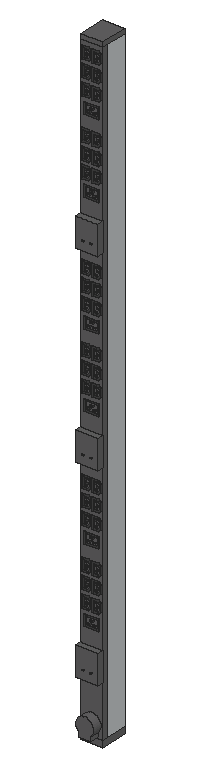
Revit family "Basic PDU", category Installations électriques, Revit 2020 (continued)
Definition of nested family "Basic PDU_Prises"
  Nested families
    nested 192: "Prise rectangulaire" at (0, 0, 903.24), visible <- "646965", type "Prise rectangulaire"
    nested 193: "Prise ronde simple" at (0, 0, 938.705), visible <- "646965", type "Prise ronde simple"
    nested 194: "Prise ronde simple" at (0, 0, 971.705), visible <- "646965", type "Prise ronde simple"
    nested 195: "Prise ronde simple" at (0, 0, 1004.705), visible <- "646965", type "Prise ronde simple"
    nested 196: "Prise ronde simple" at (0, 0, 1037.705), visible <- "646965", type "Prise ronde simple"
    nested 197: "Prise ronde simple" at (0, 0, 1070.664), visible <- "646965", type "Prise ronde simple"
    nested 198: "Prise ronde simple" at (0, 0, 1103.664), visible <- "646965", type "Prise ronde simple"
    nested 199: "Prise ronde simple" at (0, 0, 1136.664), visible <- "646965", type "Prise ronde simple"
    nested 200: "Prise ronde simple" at (0, 0, 1169.664), visible <- "646965", type "Prise ronde simple"
    nested 201: "Module D" at (0, 0, 137.1), visible <- "646971", type "L = 52"
    nested 202: "Prise rectangulaire" at (0, 0, 254.981), visible <- "646971", type "Prise rectangulaire"
    nested 203: "Prise rectangulaire" at (0, 0, 296.981), visible <- "646971", type "Prise rectangulaire"
    nested 204: "Prise rectangulaire" at (0, 0, 338.981), visible <- "646971", type "Prise rectangulaire"
    nested 205: "Prise rectangulaire" at (0, 0, 380.942), visible <- "646971", type "Prise rectangulaire"
    nested 206: "Prise rectangulaire" at (0, 0, 422.942), visible <- "646971", type "Prise rectangulaire"
    nested 207: "Prise rectangulaire" at (0, 0, 464.942), visible <- "646971", type "Prise rectangulaire"
    nested 208: "Prise ronde double" at (0, 0, 502.963), visible <- "646971", type "Prise ronde double"
    nested 209: "Prise ronde double" at (0, 0, 541.963), visible <- "646971", type "Prise ronde double"
    nested 210: "Prise ronde double" at (0, 0, 580.963), visible <- "646971", type "Prise ronde double"
    nested 211: "Prise ronde double" at (0, 0, 619.963), visible <- "646971", type "Prise ronde double"
    nested 212: "Prise ronde double" at (0, 0, 658.963), visible <- "646971", type "Prise ronde double"
    nested 213: "Prise ronde double" at (0, 0, 697.963), visible <- "646971", type "Prise ronde double"
    nested 214: "Prise rectangulaire" at (0, 0, 755.539), visible <- "646971", type "Prise rectangulaire"
    nested 215: "Prise rectangulaire" at (0, 0, 797.539), visible <- "646971", type "Prise rectangulaire"
    nested 216: "Prise rectangulaire" at (0, 0, 839.538), visible <- "646971", type "Prise rectangulaire"
    nested 217: "Prise rectangulaire" at (0, 0, 881.499), visible <- "646971", type "Prise rectangulaire"
    nested 218: "Prise rectangulaire" at (0, 0, 923.499), visible <- "646971", type "Prise rectangulaire"
    nested 219: "Prise rectangulaire" at (0, 0, 965.499), visible <- "646971", type "Prise rectangulaire"
    nested 220: "Prise ronde double" at (0, 0, 1003.52), visible <- "646971", type "Prise ronde double"
    nested 221: "Prise ronde double" at (0, 0, 1042.52), visible <- "646971", type "Prise ronde double"
    nested 222: "Prise ronde double" at (0, 0, 1081.52), visible <- "646971", type "Prise ronde double"
    nested 223: "Prise ronde double" at (0, 0, 1120.52), visible <- "646971", type "Prise ronde double"
    nested 224: "Prise ronde double" at (0, 0, 1159.52), visible <- "646971", type "Prise ronde double"
    nested 225: "Prise ronde double" at (0, 0, 1198.52), visible <- "646971", type "Prise ronde double"
    nested 226: "Module D" at (0, 0, 137.1), visible <- "646972", type "L = 52"
    nested 227: "Prise rectangulaire" at (0, 0, 254.981), visible <- "646972", type "Prise rectangulaire"
    nested 228: "Prise rectangulaire" at (0, 0, 296.981), visible <- "646972", type "Prise rectangulaire"
    nested 229: "Prise rectangulaire" at (0, 0, 338.981), visible <- "646972", type "Prise rectangulaire"
    nested 230: "Prise ronde double" at (0, 0, 376.937), visible <- "646972", type "Prise ronde double"
    nested 231: "Prise ronde double" at (0, 0, 415.937), visible <- "646972", type "Prise ronde double"
    nested 232: "Prise ronde double" at (0, 0, 454.937), visible <- "646972", type "Prise ronde double"
    nested 233: "Prise ronde double" at (0, 0, 493.937), visible <- "646972", type "Prise ronde double"
    nested 234: "Prise ronde double" at (0, 0, 532.937), visible <- "646972", type "Prise ronde double"
    nested 235: "Prise ronde double" at (0, 0, 571.937), visible <- "646972", type "Prise ronde double"
    nested 236: "Prise ronde double" at (0, 0, 610.937), visible <- "646972", type "Prise ronde double"
    nested 237: "Prise ronde double" at (0, 0, 649.937), visible <- "646972", type "Prise ronde double"
    nested 238: "Prise ronde double" at (0, 0, 688.937), visible <- "646972", type "Prise ronde double"
    nested 239: "Prise rectangulaire" at (0, 0, 746.594), visible <- "646972", type "Prise rectangulaire"
    nested 240: "Prise rectangulaire" at (0, 0, 788.594), visible <- "646972", type "Prise rectangulaire"
    nested 241: "Prise rectangulaire" at (0, 0, 830.594), visible <- "646972", type "Prise rectangulaire"
    nested 242: "Prise ronde double" at (0, 0, 868.55), visible <- "646972", type "Prise ronde double"
    nested 243: "Prise ronde double" at (0, 0, 907.55), visible <- "646972", type "Prise ronde double"
    nested 244: "Prise ronde double" at (0, 0, 946.55), visible <- "646972", type "Prise ronde double"
    nested 245: "Prise ronde double" at (0, 0, 985.55), visible <- "646972", type "Prise ronde double"
    nested 246: "Prise ronde double" at (0, 0, 1024.55), visible <- "646972", type "Prise ronde double"
    nested 247: "Prise ronde double" at (0, 0, 1063.55), visible <- "646972", type "Prise ronde double"
    nested 248: "Prise ronde double" at (0, 0, 1102.55), visible <- "646972", type "Prise ronde double"
    nested 249: "Prise ronde double" at (0, 0, 1141.55), visible <- "646972", type "Prise ronde double"
    nested 250: "Prise ronde double" at (0, 0, 1180.55), visible <- "646972", type "Prise ronde double"
    nested 251: "Module D" at (0, 0, 137.199), visible <- "646973", type "L = 52"
    nested 252: "Prise rectangulaire" at (0, 0, 255.08), visible <- "646973", type "Prise rectangulaire"
    nested 253: "Prise rectangulaire" at (0, 0, 297.08), visible <- "646973", type "Prise rectangulaire"
    nested 254: "Prise ronde double" at (0, 0, 335.036), visible <- "646973", type "Prise ronde double"
    nested 255: "Prise ronde double" at (0, 0, 374.036), visible <- "646973", type "Prise ronde double"
    nested 256: "Prise rectangulaire" at (0, 0, 431.726), visible <- "646973", type "Prise rectangulaire"
    nested 257: "Prise rectangulaire" at (0, 0, 473.726), visible <- "646973", type "Prise rectangulaire"
    nested 258: "Prise ronde double" at (0, 0, 511.863), visible <- "646973", type "Prise ronde double"
    nested 259: "Prise ronde double" at (0, 0, 550.863), visible <- "646973", type "Prise ronde double"
    nested 260: "Module D" at (0, 0, 595.999), visible <- "646973", type "L = 52"
    nested 261: "Prise rectangulaire" at (0, 0, 713.881), visible <- "646973", type "Prise rectangulaire"
    nested 262: "Prise rectangulaire" at (0, 0, 755.881), visible <- "646973", type "Prise rectangulaire"
    nested 263: "Prise ronde double" at (0, 0, 793.837), visible <- "646973", type "Prise ronde double"
    nested 264: "Prise ronde double" at (0, 0, 832.837), visible <- "646973", type "Prise ronde double"
    nested 265: "Prise rectangulaire" at (0, 0, 890.526), visible <- "646973", type "Prise rectangulaire"
    nested 266: "Prise rectangulaire" at (0, 0, 932.526), visible <- "646973", type "Prise rectangulaire"
    nested 267: "Prise ronde double" at (0, 0, 970.663), visible <- "646973", type "Prise ronde double"
    nested 268: "Prise ronde double" at (0, 0, 1009.663), visible <- "646973", type "Prise ronde double"
    nested 269: "Module D" at (0, 0, 1054.477), visible <- "646973", type "L = 52"
    nested 270: "Prise rectangulaire" at (0, 0, 1172.358), visible <- "646973", type "Prise rectangulaire"
    nested 271: "Prise rectangulaire" at (0, 0, 1214.358), visible <- "646973", type "Prise rectangulaire"
    nested 272: "Prise ronde double" at (0, 0, 1252.314), visible <- "646973", type "Prise ronde double"
    nested 273: "Prise ronde double" at (0, 0, 1291.314), visible <- "646973", type "Prise ronde double"
    nested 274: "Prise rectangulaire" at (0, 0, 1349.004), visible <- "646973", type "Prise rectangulaire"
    nested 275: "Prise rectangulaire" at (0, 0, 1391.004), visible <- "646973", type "Prise rectangulaire"
    nested 276: "Prise ronde double" at (0, 0, 1429.141), visible <- "646973", type "Prise ronde double"
    nested 277: "Prise ronde double" at (0, 0, 1468.141), visible <- "646973", type "Prise ronde double"
    nested 278: "Module D" at (0, 0, 137.199), visible <- "646974", type "L = 52"
    nested 279: "Prise rectangulaire" at (0, 0, 255.08), visible <- "646974", type "Prise rectangulaire"
    nested 280: "Prise rectangulaire" at (0, 0, 297.08), visible <- "646974", type "Prise rectangulaire"
    nested 281: "Prise ronde double" at (0, 0, 335.036), visible <- "646974", type "Prise ronde double"
    nested 282: "Prise ronde double" at (0, 0, 374.036), visible <- "646974", type "Prise ronde double"
    nested 283: "Prise ronde double" at (0, 0, 413.037), visible <- "646974", type "Prise ronde double"
    nested 284: "Prise rectangulaire" at (0, 0, 470.727), visible <- "646974", type "Prise rectangulaire"
    nested 285: "Prise rectangulaire" at (0, 0, 512.727), visible <- "646974", type "Prise rectangulaire"
    nested 286: "Prise ronde double" at (0, 0, 550.682), visible <- "646974", type "Prise ronde double"
    nested 287: "Prise ronde double" at (0, 0, 589.682), visible <- "646974", type "Prise ronde double"
    nested 288: "Prise ronde double" at (0, 0, 628.683), visible <- "646974", type "Prise ronde double"
    nested 289: "Module D" at (0, 0, 673.614), visible <- "646974", type "L = 52"
    nested 290: "Prise rectangulaire" at (0, 0, 791.495), visible <- "646974", type "Prise rectangulaire"
    nested 291: "Prise rectangulaire" at (0, 0, 833.495), visible <- "646974", type "Prise rectangulaire"
    nested 292: "Prise ronde double" at (0, 0, 871.451), visible <- "646974", type "Prise ronde double"
    nested 293: "Prise ronde double" at (0, 0, 910.451), visible <- "646974", type "Prise ronde double"
    nested 294: "Prise ronde double" at (0, 0, 949.452), visible <- "646974", type "Prise ronde double"
    nested 295: "Prise rectangulaire" at (0, 0, 1007.141), visible <- "646974", type "Prise rectangulaire"
    nested 296: "Prise rectangulaire" at (0, 0, 1049.141), visible <- "646974", type "Prise rectangulaire"
    nested 297: "Prise ronde double" at (0, 0, 1087.097), visible <- "646974", type "Prise ronde double"
    nested 298: "Prise ronde double" at (0, 0, 1126.097), visible <- "646974", type "Prise ronde double"
    nested 299: "Prise ronde double" at (0, 0, 1165.098), visible <- "646974", type "Prise ronde double"
    nested 300: "Module D" at (0, 0, 1209.978), visible <- "646974", type "L = 52"
    nested 301: "Prise rectangulaire" at (0, 0, 1327.859), visible <- "646974", type "Prise rectangulaire"
    nested 302: "Prise rectangulaire" at (0, 0, 1369.859), visible <- "646974", type "Prise rectangulaire"
    nested 303: "Prise ronde double" at (0, 0, 1407.815), visible <- "646974", type "Prise ronde double"
    nested 304: "Prise ronde double" at (0, 0, 1446.815), visible <- "646974", type "Prise ronde double"
    nested 305: "Prise ronde double" at (0, 0, 1485.816), visible <- "646974", type "Prise ronde double"
    nested 306: "Prise rectangulaire" at (0, 0, 1543.505), visible <- "646974", type "Prise rectangulaire"
    nested 307: "Prise rectangulaire" at (0, 0, 1585.505), visible <- "646974", type "Prise rectangulaire"
    nested 308: "Prise ronde double" at (0, 0, 1623.461), visible <- "646974", type "Prise ronde double"
    nested 309: "Prise ronde double" at (0, 0, 1662.461), visible <- "646974", type "Prise ronde double"
    nested 310: "Prise ronde double" at (0, 0, 1701.462), visible <- "646974", type "Prise ronde double"
    nested 311: "Module D" at (0, 0, 137.267), visible <- "646975", type "L = 52"
    nested 312: "Prise rectangulaire" at (0, 0, 255.148), visible <- "646975", type "Prise rectangulaire"
    nested 313: "Prise ronde double" at (0, 0, 293.418), visible <- "646975", type "Prise ronde double"
    nested 314: "Prise ronde double" at (0, 0, 332.418), visible <- "646975", type "Prise ronde double"
    nested 315: "Prise ronde double" at (0, 0, 371.419), visible <- "646975", type "Prise ronde double"
    nested 316: "Prise rectangulaire" at (0, 0, 429.342), visible <- "646975", type "Prise rectangulaire"
    nested 317: "Prise ronde double" at (0, 0, 467.612), visible <- "646975", type "Prise ronde double"
    nested 318: "Prise ronde double" at (0, 0, 506.612), visible <- "646975", type "Prise ronde double"
    nested 319: "Prise ronde double" at (0, 0, 545.612), visible <- "646975", type "Prise ronde double"
    nested 320: "Module D" at (0, 0, 590.815), visible <- "646975", type "L = 52"
    nested 321: "Prise rectangulaire" at (0, 0, 708.696), visible <- "646975", type "Prise rectangulaire"
    nested 322: "Prise ronde double" at (0, 0, 746.966), visible <- "646975", type "Prise ronde double"
    nested 323: "Prise ronde double" at (0, 0, 785.966), visible <- "646975", type "Prise ronde double"
    nested 324: "Prise ronde double" at (0, 0, 824.967), visible <- "646975", type "Prise ronde double"
    nested 325: "Prise rectangulaire" at (0, 0, 882.89), visible <- "646975", type "Prise rectangulaire"
    nested 326: "Prise ronde double" at (0, 0, 921.16), visible <- "646975", type "Prise ronde double"
    nested 327: "Prise ronde double" at (0, 0, 960.16), visible <- "646975", type "Prise ronde double"
    nested 328: "Prise ronde double" at (0, 0, 999.16), visible <- "646975", type "Prise ronde double"
    nested 329: "Module D" at (0, 0, 1042.562), visible <- "646975", type "L = 52"
    nested 330: "Prise rectangulaire" at (0, 0, 1160.444), visible <- "646975", type "Prise rectangulaire"
    nested 331: "Prise ronde double" at (0, 0, 1198.714), visible <- "646975", type "Prise ronde double"
    nested 332: "Prise ronde double" at (0, 0, 1237.714), visible <- "646975", type "Prise ronde double"
    nested 333: "Prise ronde double" at (0, 0, 1276.714), visible <- "646975", type "Prise ronde double"
    nested 334: "Prise rectangulaire" at (0, 0, 1334.638), visible <- "646975", type "Prise rectangulaire"
    nested 335: "Prise ronde double" at (0, 0, 1372.907), visible <- "646975", type "Prise ronde double"
    nested 336: "Prise ronde double" at (0, 0, 1411.907), visible <- "646975", type "Prise ronde double"
    nested 337: "Prise ronde double" at (0, 0, 1450.908), visible <- "646975", type "Prise ronde double"
  Definition of nested family "Prise ronde double"
    Parameters
      Default Elevation = 0 mm
    Reference planes
      plane 1 "Centre (avant/arrière)": y = 0
      plane 2: z = 0
      plane 3 "Centre (gauche/droite)": x = 0
    Forms (mm)
      Extrusion 1, solid
        sketch origin (0, 0, -932.082) x (1, 0, 0) y (0, 0, 1)
          loop
            line (-7.233, 946.882) -> (-22.8, 946.882) -> (-22.8, 917.279) -> (-7.237, 917.279) -> (-1.193, 923.322) -> (-1.193, 940.842) -> (-7.233, 946.882)
          loop
            line (-19.828, 943.513) -> (-19.828, 920.651) -> (-9.69, 920.651) -> (-4.165, 926.473) -> (-4.165, 937.691) -> (-9.69, 943.513) -> (-19.828, 943.513)
          loop
            line (-16.618, 937.76) -> (-11.375, 937.76) -> (-11.375, 940.403) -> (-16.618, 940.403) -> (-16.618, 937.76)
          loop
            line (-7.375, 933.403) -> (-12.618, 933.403) -> (-12.618, 930.76) -> (-7.375, 930.76) -> (-7.375, 933.403)
          loop
            line (-11.375, 926.403) -> (-16.618, 926.403) -> (-16.618, 923.76) -> (-11.375, 923.76) -> (-11.375, 926.403)
          loop
            line (16.76, 946.882) -> (1.194, 946.882) -> (1.194, 917.279) -> (16.757, 917.279) -> (22.8, 923.322) -> (22.8, 940.842) -> (16.76, 946.882)
          loop
            line (4.166, 943.513) -> (4.166, 920.651) -> (14.303, 920.651) -> (19.828, 926.473) -> (19.828, 937.691) -> (14.303, 943.513) -> (4.166, 943.513)
          loop
            line (7.375, 937.76) -> (12.618, 937.76) -> (12.618, 940.403) -> (7.375, 940.403) -> (7.375, 937.76)
          loop
            line (16.618, 933.403) -> (11.375, 933.403) -> (11.375, 930.76) -> (16.618, 930.76) -> (16.618, 933.403)
          loop
            line (12.618, 926.403) -> (7.375, 926.403) -> (7.375, 923.76) -> (12.618, 923.76) -> (12.618, 926.403)
        from 0 to 1
    Dimensions and locks
      aligned and locked: level to plane 2
  Definition of nested family "Prise rectangulaire"
    Parameters (values of type "Prise rectangulaire")
      Default Elevation = 0 mm
    Reference planes
      plane 1 "Centre (avant/arrière)": y = 0
      plane 2: z = 0
      plane 3 "Centre (gauche/droite)": x = 0
    Forms (mm)
      Extrusion 1, solid
        sketch origin (0, 0, -815.082) x (1, 0, 0) y (0, 0, 1)
          loop
            line (17.311, 828.382) -> (-17.289, 828.382) -> (-17.289, 801.782) -> (17.311, 801.782) -> (17.311, 828.382)
          loop
            line (-13.932, 825.425) -> (-13.932, 804.739) -> (13.954, 804.739) -> (13.954, 825.425) -> (-13.932, 825.425)
          loop
            line (3.636, 820.407) -> (-3.614, 820.407) -> (-3.614, 817.757) -> (3.636, 817.757) -> (3.636, 820.407)
          loop
            line (9.636, 812.407) -> (3.386, 812.407) -> (3.386, 809.757) -> (9.636, 809.757) -> (9.636, 812.407)
          loop
            line (-3.364, 812.407) -> (-9.614, 812.407) -> (-9.614, 809.757) -> (-3.364, 809.757) -> (-3.364, 812.407)
        from 0 to 1
    Dimensions and locks
      aligned and locked: level to plane 2
  Definition of nested family "Prise ronde simple"
    Parameters
      Default Elevation = 0 mm
    Reference planes
      plane 1 "Centre (avant/arrière)": y = 0
      plane 2: z = 0
      plane 3 "Centre (gauche/droite)": x = 0
    Forms (mm)
      Extrusion 1, solid
        sketch origin (0, 0, -932.082) x (1, 0, 0) y (0, 0, 1)
          loop
            line (-14.802, 936.843) -> (-14.802, 921.277) -> (14.802, 921.277) -> (14.802, 936.84) -> (8.758, 942.883) -> (-8.761, 942.883) -> (-14.802, 936.843)
          loop
            line (-11.433, 924.249) -> (11.43, 924.249) -> (11.43, 934.387) -> (5.608, 939.911) -> (-5.611, 939.911) -> (-11.433, 934.387) -> (-11.433, 924.249)
          loop
            line (-5.68, 927.459) -> (-5.68, 932.702) -> (-8.323, 932.702) -> (-8.323, 927.459) -> (-5.68, 927.459)
          loop
            line (-1.323, 936.702) -> (-1.323, 931.459) -> (1.32, 931.459) -> (1.32, 936.702) -> (-1.323, 936.702)
          loop
            line (5.677, 932.702) -> (5.677, 927.459) -> (8.32, 927.459) -> (8.32, 932.702) -> (5.677, 932.702)
        from 0 to 1
    Dimensions and locks
      aligned and locked: level to plane 2
  Definition of nested family "Module D"
    Parameters (values of type "L = 44.3")
      Largeur = 44.3 mm
      Default Elevation = 0 mm
    Types (3, lengths in mm): name | Largeur
      (no name) | 44.3
      L = 44.3 | 44.3
      L = 52 | 52
    Reference planes
      plane 1 "Centre (avant/arrière)": y = 0
      plane 2: z = 0
      plane 3 "Centre (gauche/droite)": x = 0
      plane 4: x = 22.15
      plane 5: x = 22.15
      plane 6: x = -22.15
    Forms (mm)
      Extrusion 1, solid
        sketch origin (0, 0, -3.309) x (0, 1, 0) y (0, 0, 1)
          loop
            line (-15.1, 71.026) -> (-15.1, 3.572) -> (0, 3.309) -> (0, 71.29) -> (-15.1, 71.026)
        from -22.15 to 22.15
      Extrusion 2, solid
        sketch origin (4.012, -15.1, 77.848) x (0, 0, -1) y (1, 0, 0)
          loop
            line (56.318, -16.253) -> (58.095, -16.253) -> (58.095, -10.919) -> (56.318, -10.919) -> (56.318, -16.253)
          loop
            line (56.318, 2.928) -> (58.095, 2.928) -> (58.095, 8.262) -> (56.318, 8.262) -> (56.318, 2.928)
        from -0.7 to 0.3
    Lines and regions (mm)
      model lines
        curve 1: line (-19.081, -15.1, 47.665) -> (19.081, -15.1, 47.665)
        curve 2: line (-19.081, -15.1, 15.202) -> (-19.081, -15.1, 47.665)
        curve 3: line (19.081, -15.1, 15.202) -> (-19.081, -15.1, 15.202)
        curve 4: line (0, -15.1, 47.665) -> (0, -15.1, 15.202)
        curve 5: line (-16.892, -15.1, 45.875) -> (-16.892, -15.1, 32.033)
        curve 6: line (-1.892, -15.1, 32.033) -> (-16.892, -15.1, 32.033)
        curve 7: line (19.081, -15.1, 15.202) -> (19.081, -15.1, 47.665)
        curve 8: line (2.189, -15.1, 45.875) -> (2.189, -15.1, 32.033)
        curve 9: line (17.189, -15.1, 32.033) -> (2.189, -15.1, 32.033)
    Dimensions and locks
      equal spacing: plane 5, plane 3 "Centre (gauche/droite)", plane 6
      "Largeur": plane 6 to plane 5
      curve 7 to plane 3 "Centre (gauche/droite)" to curve 2 = 19.081 mm locked, 19.081 mm locked
      locked: curve 7 to curve 9 at 1.892
      Extrusion 2 sketch curve to Extrusion 2 sketch curve to plane 3 "Centre (gauche/droite)" to Extrusion 2 sketch curve to Extrusion 2 sketch curve = 5.334 mm locked, 6.941 mm locked, 6.907 mm locked, 5.334 mm locked
      aligned and locked: level to plane 2
      aligned and locked: Extrusion 1 to plane 5
      aligned and locked: Extrusion 1 to plane 6
      aligned and locked: plane 6 to Extrusion 1
      aligned and locked: plane 4 to plane 5
      aligned and locked: curve 4 to plane 3 "Centre (gauche/droite)"
    Automatic sketch dimensions
      Extrusion 1 sketch curve to plane 1 "Centre (avant/arrière)" = 0 mm
      level to Extrusion 1 sketch curve = 0 mm
      plane 1 "Centre (avant/arrière)" to Extrusion 1 sketch curve = 15.1 mm
      level to Extrusion 1 sketch curve = 0.264 mm
      Extrusion 1 sketch curve to Extrusion 1 sketch curve = 0.264 mm
      Extrusion 1 sketch curve to Extrusion 1 sketch curve = 67.454 mm
      Extrusion 1 to curve 1 = 20.053 mm
      curve 4 to curve 8 = 15.632 mm
      curve 1 to curve 5 = 15.632 mm
      curve 2 to curve 5 = 2.189 mm
      curve 4 to curve 8 = 1.789 mm
      curve 1 to curve 5 = 1.789 mm
      curve 4 to curve 8 = 2.189 mm
      curve 6 to curve 8 = 4.081 mm
      Extrusion 1 to Extrusion 2 sketch curve = 21.267 mm
      Extrusion 2 sketch curve to Extrusion 2 sketch curve = 0 mm
      Extrusion 2 sketch curve to Extrusion 2 sketch curve = 1.778 mm  (x2)
      Extrusion 1 to curve 3 = 14.938 mm
Definition of nested family "Alimentation"
  Parameters (values of type "Prise rectangulaire")
    Prise rotative = no
    Prise rectangulaire = yes
    Default Elevation = 0 mm
  Types (2, lengths in mm): name | Prise rotative | Prise rectangulaire
    Prise rotative | yes | no
    Prise rectangulaire | no | yes
  Reference planes
    plane 1 "Centre (avant/arrière)": y = 0
    plane 2: z = 0
    plane 3 "Centre (gauche/droite)": x = 0
    plane 4: x = -22.15
    plane 5: x = 22.15
  Forms (mm)
    Extrusion 1, solid, visible <- "Prise rectangulaire", detail levels fine
      sketch origin (0, 0, 0) x (1, 0, 0) y (0, 0, 1)
        loop
          line (-14.8, 50.167) -> (-14.8, 28.667) -> (14.8, 28.667) -> (14.8, 50.167) -> (-14.8, 50.167)
        loop
          line (3.95, 36.417) -> (3.95, 34.417) -> (8.95, 34.417) -> (8.95, 36.417) -> (3.95, 36.417)
        loop
          line (-3.05, 44.417) -> (-3.05, 42.417) -> (2.95, 42.417) -> (2.95, 44.417) -> (-3.05, 44.417)
        loop
          line (-3.95, 36.417) -> (-8.95, 36.417) -> (-8.95, 34.417) -> (-3.95, 34.417) -> (-3.95, 36.417)
      from 0 to 1
    Extrusion 2, solid, visible <- "Prise rotative"
      sketch origin (0, 0, 0) x (1, 0, 0) y (0, 0, 1)
        loop
          arc (14.384, 28.145) -> (0, 65.582) -> (-14.384, 28.145) r 21.482
          line (-14.384, 28.145) -> (-14.384, 18.1) -> (14.384, 18.1) -> (14.384, 28.145)
      from 0 to 21.1
  Lines and regions (mm)
    model lines, visible <- "Prise rectangulaire", detail levels fine
      curve 1: line (-18.15, 0, 52.917) -> (18.15, 0, 52.917)
      curve 2: line (-18.15, 0, 25.917) -> (-18.15, 0, 52.917)
      curve 3: line (-18.15, 0, 25.917) -> (18.15, 0, 25.917)
      curve 4: line (18.15, 0, 25.917) -> (18.15, 0, 52.917)
    model lines, visible <- "Prise rotative", detail levels fine
      curve 5: arc (11.549, -21.1, 29.46) -> (0, -21.1, 62.746) -> (-11.549, -21.1, 29.46) r 18.646
      curve 6: line (-11.549, -21.1, 29.46) -> (-11.549, -21.1, 18.1)
      curve 7: line (11.549, -21.1, 29.46) -> (11.549, -21.1, 18.1)
  Dimensions and locks
    plane 5 to plane 3 "Centre (gauche/droite)" to plane 4 = 22.15 mm, 22.15 mm
    plane 5 to plane 4 = 44.3 mm
    aligned and locked: level to plane 2
Types (13, lengths in mm): name | Width (mm) | Type of electric connection | Terminal marking indication | Supply current | Profondeur cuve + capot | Prise_alimentation | Number of phases | Number of MCB | Number of C19 outlets | Number of C13 outlets | Length | Legrand part number | GTIN | E-catalogue link | Description | Depth (mm) | Cable cross section MIN_MAX | 646975 | 646974 | 646973 | 646972 | 646971 | 646965 | 646964 | 646963 | 646962 | 646961 | 646960 | 646911 | 646910
  PDU 0U 3P 16A 36xC13+6xC19 | 52 | "CEE 16 A" | yes | "16-16" | 65 | Alimentation : Prise rotative | 3 | 0 | 6 | 36 | 1113 | "LG-646910" | "3414971972902" | "https://www.legrand.fr/reference/646910/pro" | "PDU vertical 3 phase 16A with 36 x C13 + 6 x C19 locking outlets IEC60309" | 67.4 | "2.5-2.5" | no | no | no | no | no | no | no | no | no | no | no | no | yes
  PDU 0U 3P 16A 24xC13+12xC19 | 52 | "CEE 16 A" | yes | "16-16" | 65 | Alimentation : Prise rotative | 3 | 0 | 12 | 24 | 1131 | "LG-646911" | "3414971972919" | "https://www.legrand.fr/reference/646911/pro" | "PDU vertical 3 phase 16A with 24 x C13 + 12 x C19 locking outlets IEC60309" | 67.4 | "2.5-2.5" | no | no | no | no | no | no | no | no | no | no | no | yes | no
  PDU 0U 1P 16A 18xC13+6xC19 | 44.3 | "CEE 16 A" | yes | "16-16" | 57.5 | Alimentation : Prise rotative | 1 | 0 | 6 | 18 | 975 | "LG-646960" | "3414972471374" | "https://www.legrand.fr/reference/646960/pro" | "PDU BASIC 0U 1 PHASE 16A , 18+6 C13/C19 LOCKING OUTLETS , IEC 60309" | 59.9 | "2.5-2.5" | no | no | no | no | no | no | no | no | no | no | yes | no | no
  PDU 0U 1P 16A 20xC13+4xC19 | 44.3 | "C20" | no | "16-16" | 57.5 | Alimentation : Prise rectangulaire | 1 | 0 | 4 | 20 | 902 | "LG-646961" | "3414972471381" | "https://www.legrand.fr/reference/646961/pro" | "PDU BASIC 0U 1 PHASE 16A , 20+4 C13/C19 LOCKING OUTLETS , IEC-320 C20" | 59.9 | "1.5-2.5" | no | no | no | no | no | no | no | no | no | yes | no | no | no
  PDU 0U 1P 32A 20xC13+4xC19 | 44.3 | "CEE 32 A" | yes | "32-32" | 57.5 | Alimentation : Prise rotative | 1 | 2 | 4 | 20 | 1092 | "LG-646962" | "3414972471398" | "https://www.legrand.fr/reference/646962/pro" | "PDU BASIC 0U 1 PHASE 32A , 20+4 C13/C19 LOCKING OUTLETS , IEC 60309" | 74.9 | "6-6" | no | no | no | no | no | no | no | no | yes | no | no | no | no
  PDU 0U 1P 32A 12xC13+12xC19 | 44.3 | "CEE 16 A" | yes | "32-32" | 57.5 | Alimentation : Prise rotative | 1 | 2 | 12 | 12 | 1164 | "LG-646963" | "3414972471404" | "https://www.legrand.fr/reference/646963/pro" | "PDU BASIC 0U 1 PHASE 32A , 12+12 C13/C19 LOCKING OUTLETS , IEC 60309" | 74.9 | "6-6" | no | no | no | no | no | no | no | yes | no | no | no | no | no
  PDU 0U 3P 16A 21xC13+3xC19 | 44.3 | "CEE 16 A" | yes | "16-16" | 57.5 | Alimentation : Prise rotative | 3 | 0 | 3 | 21 | 978 | "LG-646964" | "3414972471411" | "https://www.legrand.fr/reference/646964/pro" | "PDU BASIC 0U 3 PHASE 16A , 21+3 C13/C19 LOCKING OUTLETS , IEC 60309" | 59.9 | "2.5-2.5" | no | no | no | no | no | no | yes | no | no | no | no | no | no
  PDU 0U 3P 16A 24xC13+6xC19 | 44.3 | "CEE 16 A" | yes | "16-16" | 57.5 | Alimentation : Prise rotative | 3 | 0 | 6 | 24 | 1203 | "LG-646965" | "3414972471428" | "https://www.legrand.fr/reference/646965/pro" | "PDU BASIC 0U 3 PHASE 16A , 24+6 C13/C19 LOCKING OUTLETS , IEC 60309" | 59.9 | "2.5-2.5" | no | no | no | no | no | yes | no | no | no | no | no | no | no
  PDU HD 0U 1P 32A 24xC13+12xC19 | 52 | "CEE 32 A" | yes | "32-32" | 65 | Alimentation : Prise rotative | 1 | 2 | 12 | 24 | 1236 | "LG-646971" | "3414972471459" | "https://www.legrand.fr/reference/646971/pro" | "PDU HD BASIC 0U 1 PHASE 32A , 24+12 C13/C19  LOCKING OUTLETS , IEC 60309" | 82.4 | "6-6" | no | no | no | no | yes | no | no | no | no | no | no | no | no
  PDU HD 0U 1P 32A 36xC13+6xC19 | 52 | "CEE 32 A" | yes | "32-32" | 65 | Alimentation : Prise rotative | 1 | 2 | 6 | 36 | 1218 | "LG-646972" | "3414972471466" | "https://www.legrand.fr/reference/646972/pro" | "PDU HD BASIC 0U 1 PHASE 32A , 36+6 C13/C19  LOCKING OUTLETS , IEC 60309" | 82.4 | "6-6" | no | no | no | yes | no | no | no | no | no | no | no | no | no
  PDU HD 0U 3P 32A 24xC13+12xC19 | 52 | "CEE 32 A" | yes | "32-32" | 65 | Alimentation : Prise rotative | 3 | 6 | 12 | 24 | 1506 | "LG-646973" | "3414972471473" | "https://www.legrand.fr/reference/646973/pro" | "PDU HD BASIC 0U 3 PHASE 32A , 24+12 C13/C19 LOCKING OUTLETS, IEC 60309" | 82.4 | "6-6" | no | no | yes | no | no | no | no | no | no | no | no | no | no
  PDU HD 0U 3P 32A 36xC13+12xC19 | 52 | "CEE 32 A" | yes | "32-32" | 65 | Alimentation : Prise rotative | 3 | 6 | 12 | 36 | 1740 | "LG-646974" | "3414972471480" | "https://www.legrand.fr/reference/646974/pro" | "PDU HD BASIC 0U 3 PHASE 32A , 36+12 C13/C19 LOCKING OUTLETS, IEC 60309" | 82.4 | "6-6" | no | yes | no | no | no | no | no | no | no | no | no | no | no
  PDU HD 0U 3P 32A 36xC13+6xC19 | 52 | "CEE 32 A" | yes | "32-32" | 65 | Alimentation : Prise rotative | 3 | 6 | 6 | 36 | 1488 | "LG-646975" | "3414972471497" | "https://www.legrand.fr/reference/646975/pro" | "PDU HD BASIC 0U 3 PHASE 32A , 36+6 C13/C19 LOCKING OUTLETS, IEC 60309" | 82.4 | "6-6" | yes | no | no | no | no | no | no | no | no | no | no | no | no
